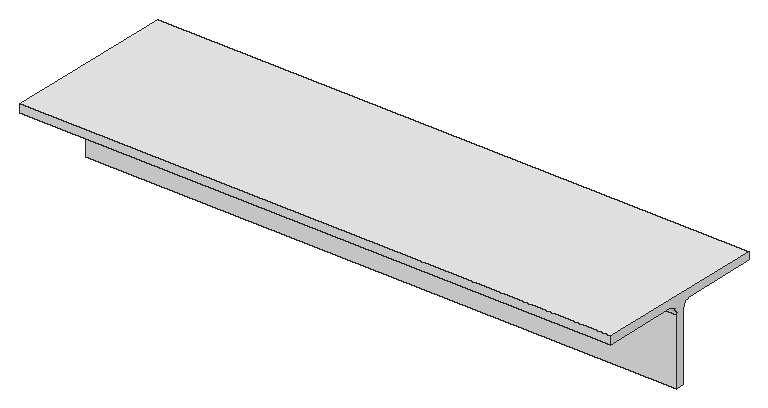
Revit family
Parameters (values of type "T172X65.4")
  시작 확장 계산 [instance] = 3012.5 mm + 시작 확장  # 3000 mm
  시작 확장 [instance] = -12.5 mm
  끝 확장 계산 [instance] = 3012.5 mm + 끝 확장  # 3000 mm
  끝 확장 [instance] = -12.5 mm
  보 재료 [instance] = 금속 - 스틸 - 345 MPa
  Assembly Code = ""
  A = 0.008 m²
  Length [instance] = 1500 mm
  W = 0.64136
  bf = 354 mm
  d = 172 mm
  k = 36 mm
  kr = k - tf  # 20 mm
  tf = 16 mm
  tw = 16 mm
Reference planes
  plane 1 "중심(앞/뒤)": y = 0
  plane 2: z = 0
  plane 3 "중심(왼쪽/오른쪽)": x = 4.61
  plane 4 "왼쪽 부재": x = -604.99
  plane 5 "오른쪽 부재": x = 614.21
  plane 6: y = 177
  plane 7: y = -177
  plane 8 "상단": z = 86
  plane 9: z = -86
  plane 10 "왼쪽": x = -757.39
  plane 11 "오른쪽": x = 742.61
  plane 12: x = -604.99
  plane 13: x = 614.21
  plane 14: x = 2395.01
  plane 15: x = -2385.79
Forms (mm)
  Sweep 1, solid, material "금속 - 스틸 - 345 MPa" <- "보 재료", detail levels medium
    path origin (0, 0, 0) x (1, 0, 0) y (0, 1, 0)
      loop
        line (614.21, 0) -> (-604.99, 0)
    profile "M_구조 T자형-프로파일-중간 : M_구조 T자형-프로파일-중간" origin (4.61, 0, 0) x (0, -1, 0) y (0, 0, 1)
      loop
        line (-177, 86) -> (-177, 70) -> (-8, 70) -> (-8, -86) -> (8, -86) -> (8, 70) -> (177, 70) -> (177, 86) -> (-177, 86)
  Sweep 2, solid, material "금속 - 스틸 - 345 MPa" <- "보 재료", detail levels fine
    path origin (0, 0, 0) x (1, 0, 0) y (0, 1, 0)
      loop
        line (614.21, 0) -> (-604.99, 0)
    profile "M_구조 T자형-프로파일-섬세 : M_구조 T자형-프로파일-섬세" origin (4.61, 0, 0) x (0, -1, 0) y (0, 0, 1)
      loop
        line (-177, 86) -> (-177, 70) -> (-28, 70)
        arc (-28, 70) -> (-13.858, 64.142) -> (-8, 50) r 20
        line (-8, 50) -> (-8, -86) -> (8, -86) -> (8, 50)
        arc (8, 50) -> (13.858, 64.142) -> (28, 70) r 20
        line (28, 70) -> (177, 70) -> (177, 86) -> (-177, 86)
Lines and regions (mm)
  symbolic lines, style "숨겨진 면", detail levels medium+fine
    curve 1: line (614.21, -2.5, 0) -> (-604.99, -2.5, 0)
    curve 2: line (614.21, 2.5, 0) -> (-604.99, 2.5, 0)
  symbolic lines, style "기호 부착", detail levels coarse
    curve 3: line (4.61, 177, 86) -> (4.61, -177, 86)
    curve 4: line (4.61, 0, 86) -> (4.61, 0, -86)
Dimensions and locks
  "bf": plane 6 to plane 7
  "d": plane 9 to plane 8 "상단"
  equal spacing: plane 9, plane 2, plane 8 "상단"
  equal spacing: plane 6, plane 1 "중심(앞/뒤)", plane 7
  "Length": plane 10 "왼쪽" to plane 11 "오른쪽"
  locked: plane 4 "왼쪽 부재" to plane 14 at 3000
  locked: plane 15 to plane 5 "오른쪽 부재" at 3000
  "끝 확장 계산": plane 15 to plane 13
  "시작 확장 계산": plane 12 to plane 14
  aligned and locked: Sweep 1 sketch curve to plane 1 "중심(앞/뒤)"
  aligned and locked: Sweep 2 sketch curve to plane 1 "중심(앞/뒤)"
  aligned and locked: Sweep 2 to curve 3  (x2)
  aligned and locked: curve 4 to Sweep 1
  aligned and locked: curve 3 to Sweep 2
  aligned and locked: plane 12 to Sweep 2 sketch curve
  aligned and locked: plane 13 to Sweep 2 sketch curve
  aligned and locked: plane 12 to Sweep 1 sketch curve
  aligned and locked: plane 13 to Sweep 1 sketch curve
Automatic sketch dimensions
  curve 1 to plane 4 "왼쪽 부재" = 0 mm
  curve 2 to plane 4 "왼쪽 부재" = 0 mm
  curve 2 to plane 5 "오른쪽 부재" = 0 mm
  curve 1 to plane 5 "오른쪽 부재" = 0 mm
  plane 1 "중심(앞/뒤)" to curve 1 = 2.5 mm
  curve 2 to plane 1 "중심(앞/뒤)" = 2.5 mm
  curve 4 to plane 1 "중심(앞/뒤)" = 0 mm
